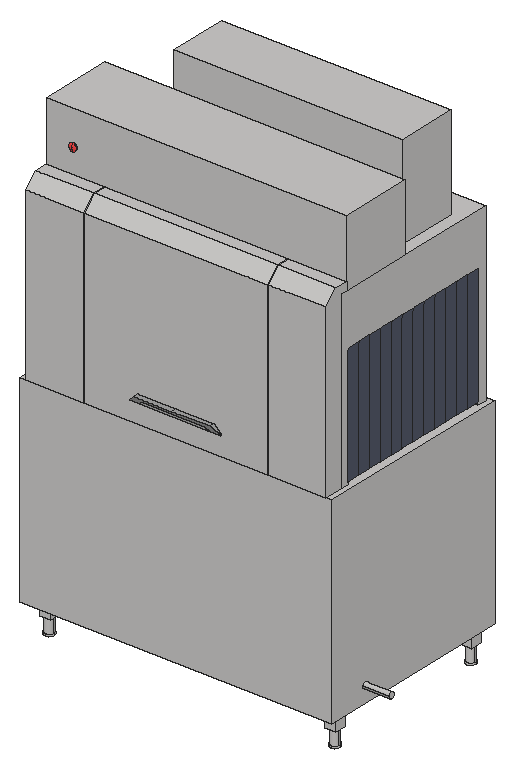
Revit family "QF_ELECTROLUXPROFESSIONAL_520431_ESR20SR3", category Specialty Equipment, Revit 2018
Family settings
  Round Connector Dimension = Use Diameter
  Part Type = Normal
  Work Plane-Based = No
  Always vertical = Yes
  Cut with Voids When Loaded = No
  Shared = No
  Room Calculation Point = No
Parameters (values of type "Standard")
  Weight = 258.00 kg
  Watts = 0 W
  Volts = 220 V
  URL Manufacturer = "http://professional.electrolux.com"
  URL = "http://professional.electrolux.com"
  Steam Supply Size = 0 mm
  Steam Supply Minimum Pressure = 0.0 Pa
  Steam Supply Maximum Pressure = 0.0 Pa
  Steam Consumption per Hour = 75
  Show Clearance [instance] = yes
  Refrigeration Suction Line Size = 0 mm
  Refrigeration Liquid Line Size = 0 mm
  Refrigerant Compressor Remote = yes
  Manufacturer = "Electrolux Professional"
  Phase = 3
  Model = "ESR20SR3"
  Length Actual = 1148 mm  # constant formula
  L_R [instance] = yes
  Item Number = "520431"
  Hot Water Size = 0 mm
  Height Actual = 1846 mm  # constant formula
  HP = "3.4 HP"
  Gas Size = 0 mm
  Gas KW = 0
  Gas Input Pressure = 0 W
  Direct Waste Size = 50.8 mm
  Description = "SINGLE RINSE RACK TYPE DISHWASHER,200 RACKS/HOUR,STEAM,R>L,220-240V/60HZ/3"
  Depth Actual = 800 mm  # constant formula
  Cycle = 60 Hz
  Condensate Return Size = 0 mm
  Compressed Air Volume = 0.0 L/s
  Compressed Air Size = 0 mm
  Compressed Air Pressure = 0.0 Pa
  Cold Water Size = 0 mm
  Accessory = yes
Types (2, lengths in mm): name | URL | Manufacturer | Phase | Model | Description
  (no name) | 0 | 0 | 0 | 0 | 0
  Standard | "http://professional.electrolux.com" | "Electrolux Professional" | 3 | "ESR20SR3" | "SINGLE RINSE RACK TYPE DISHWASHER,200 RACKS/HOUR,STEAM,R>L,220-240V/60HZ/3"
Values of the unnamed type that differ from the named types
  Volts = 0 V
  URL Manufacturer = ""
  Item Number = ""
  Cycle = 0 Hz
Reference planes
  plane 1 "Centro (Fronte/Retro)": y = 0
  plane 2: z = 0
  plane 3 "Centro (Sinistra/Destra)": x = 0
  plane 4 "LEFT": x = -574
  plane 5 "RIGHT": x = 574
  plane 6 "BACK": y = 384
  plane 7 "FRONT": y = -384
  plane 8: z = 120
  plane 9: z = 1747
  plane 10: z = 858
  plane 11: z = 1501
  plane 12: z = 1846
  plane 13: x = -526
  plane 14: x = 526
  plane 15: y = -290
  plane 16: y = 336
  plane 17: y = 369
  plane 18: x = -553
  plane 19: x = 553
  plane 20: y = -318
  plane 21: x = -338
  plane 22: x = 338
  plane 23: z = 1308
  plane 24: z = 2000
  plane 25: y = 464
Forms (mm)
  Extrusion 1, solid, material "QF_Finishes_Stainless Steel"
    sketch origin (0, 0, 0) x (1, 0, 0) y (0, 1, 0)
      loop
        line (-574, 384) -> (-574, -364) -> (574, -364) -> (574, 384) -> (-574, 384)
    from 120 to 858
  Extrusion 2, solid, material "QF_Finishes_Stainless Steel"
    sketch origin (0, 0, 0) x (1, 0, 0) y (0, 1, 0)
      loop
        line (-553, 369) -> (-553, -298) -> (553, -298) -> (553, 369) -> (-553, 369)
    from 858 to 1501
  Extrusion 3, solid, material "QF_Finishes_Stainless Steel"
    sketch origin (0, 20, 0) x (0, 1, 0) y (0, 0, 1)
      loop
        line (-384, 858) -> (-318, 858) -> (-318, 1501) -> (-290, 1501) -> (-290, 1531) -> (-340, 1531) -> (-384, 1487) -> (-384, 858)
    from -553 to -338
  Extrusion 4, solid, material "QF_Finishes_Stainless Steel"
    sketch origin (500, 20, 0) x (0, 1, 0) y (0, 0, 1)
      loop
        line (-384, 858) -> (-318, 858) -> (-318, 1501) -> (-290, 1501) -> (-290, 1531) -> (-340, 1531) -> (-384, 1487) -> (-384, 858)
    from -162 to 53
  Extrusion 5, solid, material "QF_Finishes_Stainless Steel"
    sketch origin (540, 20, 0) x (0, 1, 0) y (0, 0, 1)
      loop
        line (-384, 858) -> (-318, 858) -> (-318, 1501) -> (-290, 1501) -> (-290, 1531) -> (-340, 1531) -> (-384, 1487) -> (-384, 858)
    from -878 to -202
  Extrusion 6, solid, material "QF_Finishes_Gray"
    sketch origin (540, -364, 858) x (0, 0, 1) y (-1, 0, 0)
      loop
        line (100, 540) -> (100, 680) -> (71.716, 708.284) -> (71.716, 371.716) -> (100, 400) -> (100, 540)
    from 0 to 20
  Extrusion 7, void
    sketch origin (540, -384, 858) x (0, 0, -1) y (-1, 0, 0)
      loop
        line (-71.716, 670) -> (-85.858, 655.858) -> (-85.858, 540) -> (-85.858, 424.142) -> (-71.716, 410) -> (-71.716, 670)
    from 0 to 15.552
  Extrusion 8, void
    sketch origin (0, 0, 0) x (0, 1, 0) y (0, 0, 1)
      loop
        line (-368.448, 929.716) -> (-384, 958) -> (-384, 929.716) -> (-368.448, 929.716)
    from -266.002 to 250
  Extrusion 9, solid, material "QF_Finishes_Stainless Steel"
    sketch origin (0, 0, 0) x (1, 0, 0) y (0, 1, 0)
      loop
        line (-553, -270) -> (553, -270) -> (553, 0) -> (-553, 0) -> (-553, -270)
    from 1501 to 1747
  Revolve 10, solid, material "QF_Finishes_Red"
    sketch origin (-450, 0, 0) x (0, 1, 0) y (0, 0, 1)
      loop
        line (-270, 1624.5) -> (-270, 1629.5) -> (-275.578, 1629.5) -> (-275.578, 1638.673) -> (-276.708, 1638.673)
        arc (-276.708, 1638.673) -> (-279.647, 1631.859) -> (-280.606, 1624.5) r 26.817
        line (-280.606, 1624.5) -> (-270, 1624.5)
      axis (-270, 1624.5) -> (-280.606, 1624.5)
    angle from 0 to 360
  Extrusion 11, solid, material "QF_Finishes_Stainless Steel"
    sketch origin (0, 0, 0) x (1, 0, 0) y (0, 1, 0)
      loop
        line (509, 42) -> (509, 265) -> (-334, 265) -> (-334, 42) -> (509, 42)
    from 1501 to 1846
  Extrusion 12, void
    sketch origin (-553, -318, 0) x (0, -1, 0) y (0, 0, -1)
      loop
        line (-654, -1308) -> (-53, -1308) -> (-53, -858) -> (-654, -858) -> (-654, -1308)
    from 0 to 1106
  Extrusion 13, solid, material "QF_Finishes_Navy Blue"
    sketch origin (-553, -318, 0) x (0, 1, 0) y (0, 0, -1)
      loop
        line (653, -1308) -> (653, -868) -> (604, -868) -> (604, -1308) -> (653, -1308)
      loop
        line (53, -1308) -> (102, -1308) -> (102, -868) -> (53, -868) -> (53, -1308)
      loop
        line (602, -868) -> (554, -868) -> (554, -1308) -> (602, -1308) -> (602, -868)
      loop
        line (552, -868) -> (504, -868) -> (504, -1308) -> (552, -1308) -> (552, -868)
      loop
        line (502, -868) -> (454, -868) -> (454, -1308) -> (502, -1308) -> (502, -868)
      loop
        line (452, -868) -> (404, -868) -> (404, -1308) -> (452, -1308) -> (452, -868)
      loop
        line (402, -868) -> (354, -868) -> (354, -1308) -> (402, -1308) -> (402, -868)
      loop
        line (352, -868) -> (304, -868) -> (304, -1308) -> (352, -1308) -> (352, -868)
      loop
        line (302, -868) -> (254, -868) -> (254, -1308) -> (302, -1308) -> (302, -868)
      loop
        line (252, -868) -> (204, -868) -> (204, -1308) -> (252, -1308) -> (252, -868)
      loop
        line (202, -868) -> (154, -868) -> (154, -1308) -> (202, -1308) -> (202, -868)
      loop
        line (152, -868) -> (104, -868) -> (104, -1308) -> (152, -1308) -> (152, -868)
    from 0 to -3
  Extrusion 14, solid, material "QF_Finishes_Navy Blue"
    sketch origin (553, -318, 0) x (0, 1, 0) y (0, 0, 1)
      loop
        line (653, 1308) -> (604, 1308) -> (604, 868) -> (653, 868) -> (653, 1308)
      loop
        line (53, 1308) -> (53, 868) -> (102, 868) -> (102, 1308) -> (53, 1308)
      loop
        line (602, 868) -> (602, 1308) -> (554, 1308) -> (554, 868) -> (602, 868)
      loop
        line (552, 868) -> (552, 1308) -> (504, 1308) -> (504, 868) -> (552, 868)
      loop
        line (502, 868) -> (502, 1308) -> (454, 1308) -> (454, 868) -> (502, 868)
      loop
        line (452, 868) -> (452, 1308) -> (404, 1308) -> (404, 868) -> (452, 868)
      loop
        line (402, 868) -> (402, 1308) -> (354, 1308) -> (354, 868) -> (402, 868)
      loop
        line (352, 868) -> (352, 1308) -> (304, 1308) -> (304, 868) -> (352, 868)
      loop
        line (302, 868) -> (302, 1308) -> (254, 1308) -> (254, 868) -> (302, 868)
      loop
        line (252, 868) -> (252, 1308) -> (204, 1308) -> (204, 868) -> (252, 868)
      loop
        line (202, 868) -> (202, 1308) -> (154, 1308) -> (154, 868) -> (202, 868)
      loop
        line (152, 868) -> (152, 1308) -> (104, 1308) -> (104, 868) -> (152, 868)
    from 0 to -3
  Extrusion 15, solid, material "QF_Door-Drawer Clearances", visible <- "Show Clearance", detail levels coarse
    sketch origin (453, -119.301, 494.86) x (0, 1, 0) y (0, 0, 1)
      loop
        line (-178.699, 1036.14) -> (-178.699, 1475.14) -> (-150.699, 1475.14) -> (-150.699, 1505.14) -> (-200.699, 1505.14) -> (-244.699, 1461.14) -> (-244.699, 992.14) -> (-200.699, 1036.14) -> (-178.699, 1036.14)
    from -791 to -115
  Extrusion 16, solid, material "QF_Clearance", visible <- "Show Clearance", detail levels coarse
    sketch origin (0, 0, 0) x (1, 0, 0) y (0, 1, 0)
      loop
        line (-574, 384) -> (574, 384) -> (574, 464) -> (-574, 464) -> (-574, 384)
    from 0 to 1846
  Extrusion 17, solid, material "QF_Finishes_Stainless Steel"
    sketch origin (-553, -318, 0) x (0, 1, 0) y (0, 0, -1)
      loop
        circle (104, -183) r 10
    from 21 to 121
  Extrusion 18, solid, material "QF_Finishes_Stainless Steel"
    sketch origin (553, -318, 0) x (0, 1, 0) y (0, 0, 1)
      loop
        circle (104, 183) r 10
    from 21 to 121
  Extrusion 19, solid, material "QF_Finishes_Stainless Steel"
    sketch origin (487.887, 0, -4.4) x (-1, 0, 0) y (0, 0, 1)
      loop
        circle (943.887, 1646.362) r 10
    from 0 to 35
  Extrusion 20, solid, material "QF_Finishes_Stainless Steel"
    sketch origin (-335, 265, 6.038) x (1, 0, 0) y (0, 0, -1)
      loop
        circle (204, -1740.962) r 10
    from 0 to 10
Cuts and joins
  Extrusion 7, Extrusion 12 cuts Extrusion 2
  Extrusion 7 cuts Extrusion 5
  Extrusion 7, Extrusion 8 cuts Extrusion 6
  Extrusion 12 cuts Extrusion 1
Lines and regions (mm)
  Split face 1
    outline origin (-553, -270, 0) x (1, 0, 0) y (0, 0, 1)
      loop
        line (215, 1501) -> (215, 1747)
      loop
        line (891, 1501) -> (891, 1747)
  Split face 2
    outline origin (-553, -270, 0) x (1, 0, 0) y (0, 0, 1)
      loop
        line (215, 1651) -> (310, 1651) -> (348.837, 1604.716) -> (553, 1604.716) -> (757.163, 1604.716) -> (796, 1651) -> (891, 1651)
  Split face 3
    outline origin (-553, -270, 0) x (1, 0, 0) y (0, 0, 1)
      loop
        line (482.982, 1651) -> (482.982, 1631) -> (512.982, 1631) -> (512.982, 1651) -> (482.982, 1651)
  Split face 4
    outline origin (553, -270, 0) x (-1, 0, 0) y (0, 0, -1)
      loop
        line (455.982, -1651) -> (485.982, -1651) -> (485.982, -1631) -> (455.982, -1631) -> (455.982, -1651)
  symbolic lines
    curve 1: line (-334, 265, 0) -> (509, 265, 0)
    curve 2: line (-334, 42, 0) -> (-334, 265, 0)
    curve 3: line (509, 42, 0) -> (-334, 42, 0)
    curve 4: line (509, 265, 0) -> (509, 42, 0)
    curve 5: line (-574, 384, 0) -> (574, 384, 0)
    curve 6: line (574, 384, 0) -> (574, -364, 0)
    curve 7: line (574, -364, 0) -> (-574, -364, 0)
    curve 8: line (-574, -364, 0) -> (-574, 384, 0)
    curve 9: line (-553, -364, 0) -> (-553, 369, 0)
    curve 10: line (-553, 369, 0) -> (553, 369, 0)
    curve 11: line (553, 369, 0) -> (553, -364, 0)
    curve 12: line (553, -320, 0) -> (-553, -320, 0)
    curve 13: line (-338, -364, 0) -> (-338, -270, 0)
    curve 14: line (-553, -270, 0) -> (553, -270, 0)
    curve 15: line (338, -364, 0) -> (338, -270, 0)
    curve 16: line (526, 0, 0) -> (-553, 0, 0)
    curve 23: line (-168.284, -364, 0) -> (-168.284, -368.448, 0)
    curve 24: line (-168.284, -368.448, 0) -> (-140, -384, 0)
    curve 25: line (-140, -384, 0) -> (140, -384, 0)
    curve 26: line (140, -384, 0) -> (168.284, -368.448, 0)
    curve 27: line (168.284, -368.448, 0) -> (168.284, -364, 0)
  symbolic lines, style "QF_Clearances"
    curve 17: line (-574, 384, 0) -> (-574, 464, 0)
    curve 18: line (-574, 464, 0) -> (574, 464, 0)
    curve 19: line (574, 384, 0) -> (574, 464, 0)
  symbolic lines, style "SpecialityEquipment"
    curve 20: line (-100, 129, 0) -> (100, 129, 0)
  symbolic lines, style "SpecialityEquipment", visible <- "L_R"
    curve 21: line (-100, 129, 0) -> (-50.207, 87.219, 0)
    curve 22: line (-100, 129, 0) -> (-50.207, 170.781, 0)
Dimensions and locks
  equal spacing: plane 4 "LEFT", plane 3 "Centro (Sinistra/Destra)", plane 5 "RIGHT"
  plane 4 "LEFT" to plane 5 "RIGHT" = 1148 mm
  equal spacing: plane 6 "BACK", plane 1 "Centro (Fronte/Retro)", plane 7 "FRONT"
  plane 6 "BACK" to plane 7 "FRONT" = 768 mm
  plane 12 to plane 9 to plane 11 to plane 10 to plane 8 to plane 2 = 99 mm, 246 mm, 643 mm, 738 mm, 120 mm
  plane 12 to plane 2 = 1846 mm
  locked: plane 4 "LEFT" to plane 13 at 48
  locked: plane 14 to plane 5 "RIGHT" at 48
  locked: plane 6 "BACK" to plane 16 at 48
  locked: plane 15 to plane 7 "FRONT" at 94
  locked: plane 6 "BACK" to plane 17 at 15
  locked: plane 4 "LEFT" to plane 18 at 21
  locked: plane 19 to plane 5 "RIGHT" at 21
  locked: plane 20 to plane 7 "FRONT" at 66
  locked: plane 21 to plane 18 at 215
  locked: plane 19 to plane 22 at 215
  locked: plane 23 to plane 10 at 450
  plane 24 to plane 2 = 2000 mm
  locked: plane 6 "BACK" to plane 25 at 80
  plane 9 to plane 2 = 1747 mm
  aligned and locked: level to plane 2
  aligned and locked: plane 13 to nested 1
  aligned and locked: nested 1 to plane 15
  aligned and locked: nested 2 to plane 16
  aligned and locked: plane 14 to nested 3
  aligned and locked: nested 4 to plane 16
  aligned and locked: plane 14 to nested 4
  aligned and locked: Extrusion 1 sketch curve to plane 6 "BACK"
  aligned and locked: plane 4 "LEFT" to Extrusion 1 sketch curve
  aligned and locked: Extrusion 1 sketch curve to plane 5 "RIGHT"
  aligned and locked: plane 18 to Extrusion 2 sketch curve
  aligned and locked: Extrusion 2 sketch curve to plane 19
  aligned and locked: Extrusion 2 sketch curve to plane 17
  aligned and locked: Extrusion 3 to plane 18
  aligned and locked: plane 21 to Extrusion 3
  aligned and locked: plane 19 to Extrusion 4
  aligned and locked: Extrusion 4 to plane 22
  aligned and locked: Extrusion 5 to plane 21
  aligned and locked: plane 22 to Extrusion 5
  aligned and locked: Extrusion 2 to Extrusion 3
  aligned and locked: Extrusion 1 to Extrusion 3
  aligned and locked: Extrusion 9 sketch curve to Extrusion 3
  aligned and locked: Extrusion 9 sketch curve to plane 18
  aligned and locked: Extrusion 9 sketch curve to plane 1 "Centro (Fronte/Retro)"
  aligned and locked: plane 19 to Extrusion 12
  aligned and locked: plane 4 "LEFT" to Extrusion 17
  aligned and locked: plane 19 to Extrusion 9
  aligned and locked: Extrusion 16 to plane 25
  aligned and locked: plane 9 to Extrusion 9
Automatic sketch dimensions
  plane 7 "FRONT" to Extrusion 1 sketch curve = 20 mm
  Extrusion 2 sketch curve to plane 15 = 8 mm
  Extrusion 3 sketch curve to plane 10 = 0 mm
  Extrusion 3 sketch curve to plane 11 = 0 mm
  plane 7 "FRONT" to Extrusion 3 sketch curve = 20 mm
  Extrusion 3 sketch curve to plane 20 = 2 mm
  Extrusion 3 sketch curve to plane 15 = 8 mm
  plane 15 to Extrusion 3 sketch curve = 20 mm
  Extrusion 3 sketch curve to plane 11 = 14 mm
  plane 11 to Extrusion 3 sketch curve = 30 mm
  Extrusion 4 sketch curve to plane 10 = 0 mm
  Extrusion 4 sketch curve to plane 11 = 0 mm
  plane 7 "FRONT" to Extrusion 4 sketch curve = 20 mm
  Extrusion 4 sketch curve to plane 20 = 2 mm
  Extrusion 4 sketch curve to plane 15 = 8 mm
  plane 15 to Extrusion 4 sketch curve = 20 mm
  Extrusion 4 sketch curve to plane 11 = 14 mm
  plane 11 to Extrusion 4 sketch curve = 30 mm
  Extrusion 5 sketch curve to plane 10 = 0 mm
  Extrusion 5 sketch curve to plane 11 = 0 mm
  plane 7 "FRONT" to Extrusion 5 sketch curve = 20 mm
  Extrusion 5 sketch curve to plane 20 = 2 mm
  Extrusion 5 sketch curve to plane 15 = 8 mm
  plane 15 to Extrusion 5 sketch curve = 20 mm
  Extrusion 5 sketch curve to plane 11 = 14 mm
  plane 11 to Extrusion 5 sketch curve = 30 mm
  Extrusion 6 sketch curve to plane 3 "Centro (Sinistra/Destra)" = 0 mm
  plane 10 to Extrusion 6 sketch curve = 71.716 mm
  Extrusion 6 sketch curve to Extrusion 6 sketch curve = 28.284 mm  (x3)
  plane 3 "Centro (Sinistra/Destra)" to Extrusion 6 sketch curve = 140 mm
  Extrusion 6 sketch curve to Extrusion 6 sketch curve = 140 mm
  Extrusion 7 sketch curve to Extrusion 6 = 0 mm
  Extrusion 6 to Extrusion 7 sketch curve = 14.142 mm
  Extrusion 6 to Extrusion 7 sketch curve = 27.071 mm
  Extrusion 7 sketch curve to Extrusion 7 sketch curve = 14.142 mm  (x2)
  Extrusion 7 sketch curve to Extrusion 7 sketch curve = 115.858 mm  (x2)
  Extrusion 8 sketch curve to plane 7 "FRONT" = 0 mm
  plane 7 "FRONT" to Extrusion 8 sketch curve = 15.552 mm
  plane 10 to Extrusion 8 sketch curve = 71.716 mm
  Extrusion 8 sketch curve to Extrusion 8 sketch curve = 28.284 mm
  Extrusion 9 sketch curve to plane 19 = 0 mm
  Split face 1 sketch curve to Extrusion 9 = 0 mm  (x4)
  Split face 1 sketch curve to Extrusion 9 = 215 mm  (x2)
  Split face 2 sketch curve to Extrusion 9 = 96 mm  (x2)
  Split face 2 sketch curve to Extrusion 9 = 310 mm
  Split face 2 sketch curve to Split face 2 sketch curve = 38.837 mm  (x2)
  Split face 2 sketch curve to Split face 2 sketch curve = 204.163 mm  (x2)
  Split face 2 sketch curve to Extrusion 9 = 103.716 mm
  Split face 2 sketch curve to Split face 2 sketch curve = 95 mm  (x2)
  Split face 3 sketch curve to Extrusion 9 = 116 mm
  Split face 3 sketch curve to Extrusion 9 = 482.982 mm
  Split face 3 sketch curve to Split face 3 sketch curve = 30 mm
  Split face 3 sketch curve to Split face 3 sketch curve = 20 mm
  Split face 4 sketch curve to Extrusion 9 = 116 mm
  Split face 4 sketch curve to Extrusion 9 = 455.982 mm
  Split face 4 sketch curve to Split face 4 sketch curve = 30 mm
  Split face 4 sketch curve to Split face 4 sketch curve = 20 mm
  plane 15 to Revolve 10 sketch curve = 9.394 mm
  plane 15 to Revolve 10 sketch curve = 13.292 mm
  Revolve 10 sketch curve to Revolve 10 sketch curve = 5.028 mm
  Revolve 10 sketch curve to Revolve 10 sketch curve = 5.578 mm
  Revolve 10 sketch curve to Revolve 10 sketch curve = 16.21 mm
  Revolve 10 sketch curve to plane 9 = 122.5 mm  (x2)
  Revolve 10 sketch curve to Revolve 10 sketch curve = 0.248 mm
  Revolve 10 sketch curve to Revolve 10 sketch curve = 5 mm
  Revolve 10 sketch curve to plane 7 "FRONT" = 66 mm
  Revolve 10 sketch curve to Revolve 10 sketch curve = 0 mm
  plane 21 to Extrusion 11 sketch curve = 4 mm
  Extrusion 11 sketch curve to plane 14 = 17 mm
  Extrusion 11 sketch curve to plane 1 "Centro (Fronte/Retro)" = 42 mm
  Extrusion 11 sketch curve to plane 16 = 71 mm
  Extrusion 2 to Extrusion 12 sketch curve = 0 mm
  Extrusion 12 sketch curve to Extrusion 2 = 33 mm
  Extrusion 2 to Extrusion 12 sketch curve = 33 mm
  Extrusion 12 sketch curve to Extrusion 2 = 193 mm
  Extrusion 2 to Extrusion 13 sketch curve = 10 mm  (x9)
  Extrusion 13 sketch curve to Extrusion 2 = 33 mm
  Extrusion 13 sketch curve to Extrusion 13 sketch curve = 49 mm
  Extrusion 13 sketch curve to Extrusion 13 sketch curve = 2 mm  (x11)
  Extrusion 13 sketch curve to Extrusion 13 sketch curve = 48 mm  (x10)
  Extrusion 2 to Extrusion 13 sketch curve = 34 mm
  Extrusion 13 sketch curve to Extrusion 13 sketch curve = 0 mm  (x13)
  Extrusion 2 to Extrusion 13 sketch curve = 193 mm  (x2)
  Extrusion 14 sketch curve to plane 23 = 0 mm  (x12)
  plane 10 to Extrusion 14 sketch curve = 10 mm  (x9)
  plane 15 to Extrusion 14 sketch curve = 25 mm
  Extrusion 14 sketch curve to Extrusion 14 sketch curve = 49 mm
  Extrusion 14 sketch curve to Extrusion 14 sketch curve = 2 mm  (x11)
  Extrusion 14 sketch curve to Extrusion 14 sketch curve = 48 mm  (x8)
  plane 1 "Centro (Fronte/Retro)" to Extrusion 14 sketch curve = 16 mm
  Extrusion 14 sketch curve to plane 1 "Centro (Fronte/Retro)" = 34 mm
  Extrusion 14 sketch curve to plane 16 = 1 mm
  Extrusion 14 sketch curve to Extrusion 14 sketch curve = 0 mm  (x3)
  Extrusion 15 sketch curve to plane 24 = 0 mm
  plane 7 "FRONT" to Extrusion 15 sketch curve = 20 mm
  Extrusion 15 sketch curve to plane 20 = 2 mm  (x2)
  Extrusion 15 sketch curve to plane 15 = 8 mm
  plane 15 to Extrusion 15 sketch curve = 20 mm
  Extrusion 15 sketch curve to plane 24 = 30 mm
  Extrusion 15 sketch curve to plane 24 = 44 mm
  plane 11 to Extrusion 15 sketch curve = 30 mm
  Extrusion 15 sketch curve to plane 11 = 14 mm
  Extrusion 16 sketch curve to plane 4 "LEFT" = 0 mm
  Extrusion 16 sketch curve to plane 5 "RIGHT" = 0 mm
  Extrusion 16 sketch curve to plane 6 "BACK" = 0 mm
  plane 25 to Extrusion 16 sketch curve = 0 mm
  Extrusion 17 sketch curve to Extrusion 2 = 84 mm
  Extrusion 17 sketch curve to Extrusion 2 = 675 mm
  plane 15 to Extrusion 18 sketch curve = 76 mm
  plane 8 to Extrusion 18 sketch curve = 63 mm
  plane 13 to Extrusion 19 sketch curve = 70 mm
  Extrusion 19 sketch curve to plane 9 = 105.038 mm
  Extrusion 11 to Extrusion 20 sketch curve = 99 mm
  Extrusion 20 sketch curve to Extrusion 11 = 203 mm
  curve 18 to plane 4 "LEFT" = 0 mm
  curve 12 to plane 18 = 0 mm
  curve 13 to plane 21 = 0 mm
  curve 24 to plane 7 "FRONT" = 0 mm
  curve 15 to plane 22 = 0 mm
  plane 1 "Centro (Fronte/Retro)" to curve 16 = 0 mm
  curve 16 to plane 14 = 0 mm
  plane 17 to curve 11 = 0 mm
  curve 11 to plane 19 = 0 mm
  curve 5 to plane 5 "RIGHT" = 0 mm
  curve 5 to plane 6 "BACK" = 0 mm
  plane 25 to curve 18 = 0 mm
  plane 21 to curve 2 = 4 mm
  plane 7 "FRONT" to curve 24 = 15.552 mm
  curve 24 to plane 3 "Centro (Sinistra/Destra)" = 168.284 mm
  curve 23 to curve 24 = 28.284 mm
  curve 22 to plane 3 "Centro (Sinistra/Destra)" = 100 mm
  plane 3 "Centro (Sinistra/Destra)" to curve 25 = 140 mm
  curve 4 to plane 14 = 17 mm
  curve 2 to plane 1 "Centro (Fronte/Retro)" = 42 mm
  curve 22 to plane 1 "Centro (Fronte/Retro)" = 129 mm
  curve 1 to plane 16 = 71 mm
  curve 22 to plane 3 "Centro (Sinistra/Destra)" = 50.207 mm
  curve 21 to plane 3 "Centro (Sinistra/Destra)" = 50.207 mm
  plane 3 "Centro (Sinistra/Destra)" to curve 20 = 100 mm
  curve 25 to curve 27 = 28.284 mm
  plane 7 "FRONT" to curve 26 = 15.552 mm
  curve 26 to curve 27 = 4.448 mm
  curve 12 to plane 20 = 2 mm
  plane 15 to curve 15 = 20 mm
  curve 21 to curve 20 = 41.781 mm
  curve 20 to curve 22 = 41.781 mm
  radius of Extrusion 17 sketch curve = 10 mm
  radius of Extrusion 18 sketch curve = 10 mm
  radius of Extrusion 19 sketch curve = 10 mm
  radius of Extrusion 20 sketch curve = 10 mm
Nested families
  nested 1: "Foot_40x40_H150" at (-526, -290, 0), type "Foot_40x40_H150"
  nested 2: "Foot_40x40_H150" at (-526, 336, 0), type "Foot_40x40_H150"
  nested 3: "Foot_40x40_H150" at (526, -290, 0), type "Foot_40x40_H150"
  nested 4: "Foot_40x40_H150" at (526, 336, 0), type "Foot_40x40_H150"
Connectors
  piping at (-674, -214, 183), diameter 20
    settings: on Extrusion 17, index 1, connector inside diameter 609.6 mm, connector length 0 mm, flow factor 0, pipe flow 0.0 L/s, pressure drop 0.0 Pa, fitting loss kfactor 0, connector angle 0.00°, fixture units 0, engagement length 0 mm, angle of deflection 0.00°, flow configuration 1, flow direction 2, fitting loss method 0, system type 16, joint type 0, gender type 0, connector reference index -1, connector utility 0, adjustable connector no, is connector primary yes, connector description "Drain"
  piping at (674, -214, 183), diameter 20
    settings: on Extrusion 18, index 2, connector inside diameter 609.6 mm, connector length 0 mm, flow factor 0, pipe flow 0.0 L/s, pressure drop 0.0 Pa, fitting loss kfactor 0, connector angle 0.00°, fixture units 0, engagement length 0 mm, angle of deflection 0.00°, flow configuration 1, flow direction 2, fitting loss method 0, system type 16, joint type 0, gender type 0, connector reference index -1, connector utility 0, adjustable connector no, is connector primary no, connector description "Drain"
  electrical at (-456, 35, 1641.962)
    settings: on Extrusion 19, index 3, voltage 0 V, apparent load 0 VA, apparent load phase1 0 VA, apparent load phase2 0 VA, apparent load phase3 0 VA, power factor 1, load classification "Altro", number of poles 1, system type 30, power factor state 1, is connector primary yes, connector utility no, sub classification motor no, connector description "Electrical"
  piping at (-131, 275, 1747), diameter 609.6
    settings: on Extrusion 20, index 4, connector inside diameter 609.6 mm, connector length 0 mm, flow factor 0, pipe flow 0.0 L/s, pressure drop 0.0 Pa, fitting loss kfactor 0, connector angle 0.00°, fixture units 0, engagement length 0 mm, angle of deflection 0.00°, flow configuration 0, flow direction 0, fitting loss method 0, system type 20, joint type 0, gender type 0, connector reference index -1, connector utility 0, adjustable connector no, is connector primary no, connector description "Cold Water"
Definition of nested family "Foot_40x40_H150"
  Reference planes
    plane 1 "Centro (Fronte/Retro)": y = 0
    plane 2: z = 0
    plane 3 "Centro (Sinistra/Destra)": x = 0
    plane 4: z = 120
  Forms (mm)
    Extrusion 1, solid
      sketch origin (0, 0, 0) x (1, 0, 0) y (0, 1, 0)
        loop
          circle (0, 0) r 18
      from 0 to 5
    Extrusion 2, solid
      sketch origin (0, 0, 5) x (1, 0, 0) y (0, 1, 0)
        loop
          circle (0, 0) r 15
      from 0 to 55
    Extrusion 3, solid
      sketch origin (0, 0, 60) x (1, 0, 0) y (0, 1, 0)
        loop
          line (-20, 20) -> (-20, -20) -> (20, -20) -> (20, 20) -> (-20, 20)
      from 0 to 60
  Dimensions and locks
    aligned and locked: level to plane 2
    aligned and locked: plane 4 to Extrusion 3
    aligned and locked: Extrusion 1 to level
